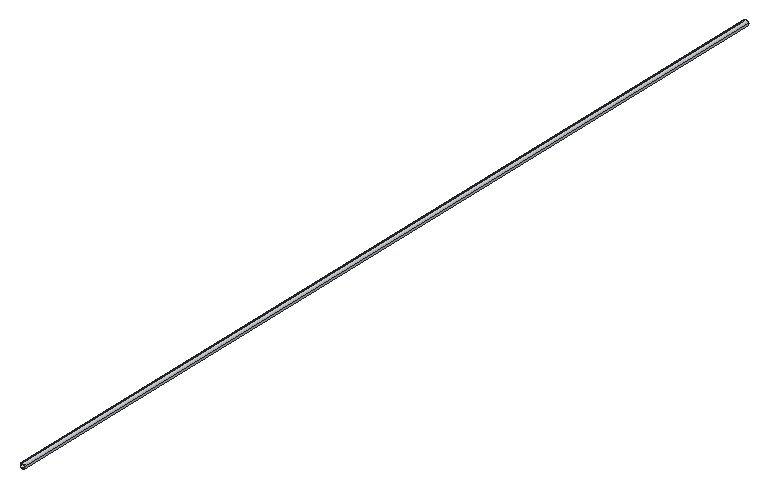
Revit family "GCP20", category Generic Models, Revit 2017
Family settings
  Can host rebar = No
  Round Connector Dimension = Use Diameter
  Part Type = Normal
  Work Plane-Based = Yes
  Always vertical = No
  Cut with Voids When Loaded = No
  Shared = No
  Room Calculation Point = No
Parameters (values of type "NBS Standard Parameters")
  Weight = "2.4Kg"
  WarrantyStartDate [instance] = "1900-12-31T23:59:59"
  WarrantyGuarantorParts = "n/a"
  WarrantyGuarantorLabor = "n/a"
  WarrantyDurationUnit = "1 year"
  WarrantyDurationParts = "n/a"
  WarrantyDurationLabor = "n/a"
  WarrantyDescription = "n/a"
  Version = "1"
  Uniclass2 = "Pr_65_70_11_71"
  TagNumber [instance] = "n/a"
  SustainabilityPerformance = "n/a"
  Size = "20mm"
  Shape = "Circular"
  SerialNumber [instance] = "n/a"
  Revision = "n/a"
  ReplacementCost = "n/a"
  ProductInformation = "www.metpro.co.uk/pdf/gcp20.pdf"
  NominalWidth = 20 mm
  NominalLength = 3750 mm
  NominalHeight = 20 mm
  Name = ""
  NBSTypeID = ""
  NBSReference = "90-55-10/380"
  NBSOfficeMasterTag = ""
  NBSNote = ""
  NBSDescription = "Rigid Conduit"
  NBSCertification = ""
  ModelReference = "GCP20"
  ModelNumber = "n/a"
  Material = "Steel"
  ManufacturerURL = "www.metpro.co.uk"
  ManufacturerName = "Metpro Ltd"
  InstallationDate [instance] = "1900-12-31T23:59:59"
  IfcExportType = ""
  IfcExportAs = ""
  Grade = "n/a"
  Finish = "Pre Galvanised"
  Features = "n/a"
  ExpectedLife = "n/a"
  DurationUnit = "year"
  Description = "GCP20 -20mm Conduit 3.75 mtr Length"
  Default Elevation = 1219.2 mm
  Constituents = "n/a"
  Color = "n/a"
  CodePerformance = "n/a"
  Category = "n/a"
  BarCode [instance] = "n/a"
  BIMObjectName = "Metpro_metprolibrary_rigidconduit_metal_ppregalvanised"
  Author = "Metpro Limited"
  AssetType = ""
  AssetIdentifier [instance] = "n/a"
  AccessibilityPerformance = "n/a"
Reference planes
  plane 1 "Center (Front/Back)": y = 0
  plane 2: z = 0
  plane 3 "Center (Left/Right)": x = 0
Forms (mm)
  Extrusion 1, solid
    sketch origin (-49.187, 3675.961, 144.652) x (-1, 0, 0) y (0, 0, -1)
      loop
        circle (33.495, -15) r 10
      loop
        circle (33.495, -15) r 8.839
    from 0 to 3750
Dimensions and locks
  aligned and locked: level to plane 2
